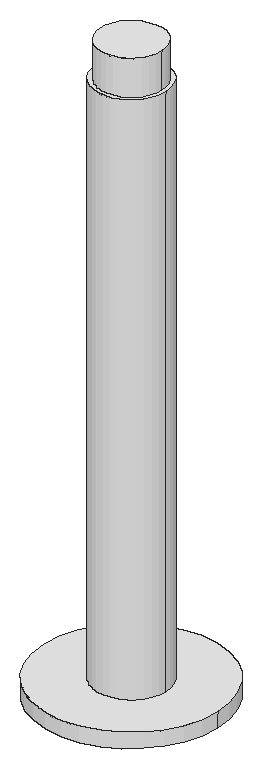
Revit family "CL10053-C_CLARK CEILING ARM 200MM", category Plumbing Fixtures, host Face, Revit 2015
Parameters (values of type "CLARK CEILING ARM 200MM")
  Waste Connection = no
  Vent Connection = no
  URL = "https://www.clark.com.au/"
  Model = "CL10053.C"
  Material_Base = GWA_Metal-Chrome
  Manufacturer = "GWA Bathrooms & Kitchens"  # constant formula
  HW Connection = no
  Description = "CLARK CEILING ARM 200MM"
  Default Elevation = 0 mm
  CreatedBy_ANZRS = "GWA Bathrooms & Kitchens"  # constant formula
  CW Connection = no
  Assembly Code = "D2010710"
Reference planes
  plane 1 "Center (Front/Back)": y = 0
  plane 2: z = 0
  plane 3 "Center (Left/Right)": x = 0
Forms (mm)
  Extrusion 1, solid, material "GWA_Metal-Chrome" <- "Material_Base"
    sketch origin (0, 0, 0) x (1, 0, 0) y (0, 1, 0)
      loop
        circle (0, 0) r 30
    from 0 to 5
  Extrusion 2, solid, material "GWA_Metal-Chrome" <- "Material_Base"
    sketch origin (0, 0, 0) x (1, 0, 0) y (0, 1, 0)
      loop
        circle (0, 0) r 12
    from 5 to 190.5
  Extrusion 3, solid, material "GWA_Metal-Chrome" <- "Material_Base"
    sketch origin (0, 0, 0) x (1, 0, 0) y (0, 1, 0)
      loop
        circle (0, 0) r 10.5
    from 190.5 to 202.5
Lines and regions (mm)
  Masking region 1
    outline origin (0, 0, 0) x (1, 0, 0) y (0, 0, 1)
      loop
        line (-30, 0) -> (30, 0) -> (30, 5) -> (12, 5) -> (12, 190.5) -> (10.5, 190.5) -> (10.5, 202.5) -> (-10.5, 202.5) -> (-10.5, 190.5) -> (-12, 190.5) -> (-12, 5) -> (-30, 5) -> (-30, 0)
  Masking region 2
    outline origin (0, 0, 0) x (0, 1, 0) y (0, 0, 1)
      loop
        line (-30, 0) -> (30, 0) -> (30, 5) -> (12, 5) -> (12, 190.5) -> (10.5, 190.5) -> (10.5, 202.5) -> (-10.5, 202.5) -> (-10.5, 190.5) -> (-12, 190.5) -> (-12, 5) -> (-30, 5) -> (-30, 0)
  Masking region 3
    outline origin (0, 0, 0) x (1, 0, 0) y (0, 1, 0)
      loop
        circle (0, 0) r 30
  symbolic lines
    curve 1: line (-12, 0, 5) -> (12, 0, 5)
    curve 2: line (-10.5, 0, 190.5) -> (10.5, 0, 190.5)
    curve 3: line (0, -12, 5) -> (0, 12, 5)
    curve 4: line (0, -10.5, 190.5) -> (0, 10.5, 190.5)
    curve 5: circle (0, 0, 0) r 12 normal (0, 0, 1)
    curve 6: circle (0, 0, 0) r 10.5 normal (0, 0, 1)
Dimensions and locks
  aligned and locked: plane 2 to host face
  aligned and locked: level to host face
